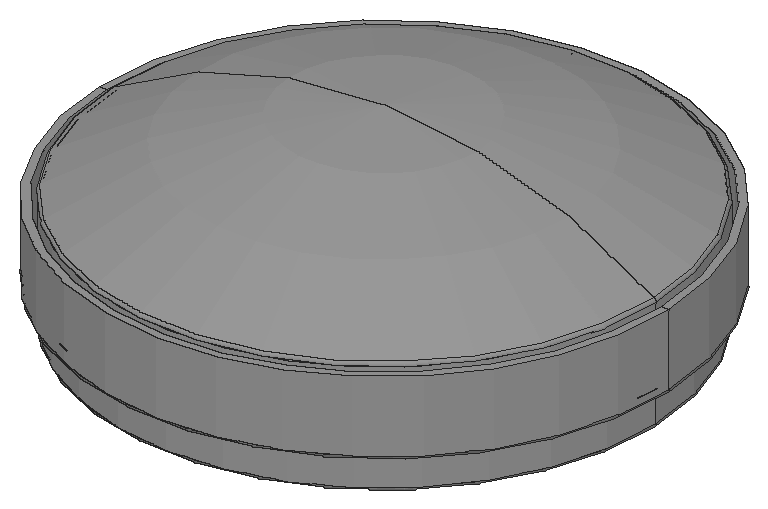
Revit family "3034763 Sylvania Lighting Fixture GIOTTO305 LED G2 3000K RECESSED", category Lighting Fixtures, host Face, Revit 2016
Family settings
  Host = Face
  Part Type = Normal
  Round Connector Dimension = Use Diameter
  OmniClass Number = 23.80.70.00
  OmniClass Title = Lighting
  Cut with Voids When Loaded = No
  Light Source = Yes
  Shared = No
  Room Calculation Point = No
Parameters (values of type "3034763 GIOTTO305 LED G2 3000K RECESSED")
  Weight = "1.11 kg"
  Wattage Comments = ""
  Wattage = 19 W
  WarrantyStartDate [instance] = "n/a"
  WarrantyGuarantorParts = "n/a"
  WarrantyDurationUnit = "n/a"
  WarrantyDurationParts = "n/a"
  WarrantyDescription = "n/a"
  built-in parameter 1150110 = 1 (stored number, unit not read)
  Voltage = 0 V
  URL = "http://www.sylvania-lighting.com"
  TypeName = "GIOTTO305 LED G2 3000K RECESSED"
  Type Image = <None>
  Type Comments = "n/a"
  built-in parameter 1114217 = 1 (stored number, unit not read)
  Tilt Angle = -90.00°
  built-in parameter 1150109 = 1 (stored number, unit not read)
  built-in parameter 1150134 = (empty or 0)
  built-in parameter 1150113 = 1 (stored number, unit not read)
  SerialNumber [instance] = "n/a"
  Photometric Web File = "3034763.ies"
  Material_3_SYL = LED-Sylvania
  PowerFactor = 0
  PowerConsumption = "19 W"
  NominalLength = 305 mm
  NominalHeight = 104 mm
  NominalDepth = 305 mm
  Name = "GIOTTO305 LED G2 3000K RECESSED"
  ModelReference = Name  # "GIOTTO305 LED G2 3000K RECESSED"
  ModelNumber = "3034763"
  Model = Name  # "GIOTTO305 LED G2 3000K RECESSED"
  Material = "polycarbonate housing, polycarbonate diffuser"
  ManufacturerName = "Feilo Sylvania"
  Manufacturer = "Feilo Sylvania"
  LuminousEfficacy = "78 lm/W"
  built-in parameter 1150105 = 117.93 (stored number, unit not read)
  Lumens = 1482 lm
  LuminaireType = ""
  built-in parameter 1150115 = 1 (stored number, unit not read)
  LightOutputRatio = "n/a"
  built-in parameter 1150137 = (empty or 0)
  built-in parameter 1150139 = (empty or 0)
  LampsType = Lamp  # "LED"
  LampNominalLuminous = "1491 lm"
  LampMacAdamStep = "n/a"
  LampColourTemperature = "3000 K"
  LampColourRenderingIndex = "80"
  built-in parameter 1150112 = 1 (stored number, unit not read)
  built-in parameter 1150114 = 1 (stored number, unit not read)
  Lamp = "LED"
  Keynote = "16500"
  InstallationDate [instance] = "n/a"
  InputVoltage = "n/a"
  InputNominalFrequency = "n/a"
  built-in parameter 1150132 = (empty or 0)
  built-in parameter 1150102 = (empty or 0)
  built-in parameter 1150107 = 3000 (stored number, unit not read)
  built-in parameter 1150138 = (empty or 0)
  IngressProtection = "IP44"
  ImpactProtectionIndex = "IK10"
  built-in parameter 1150106 = 1.1793 (stored number, unit not read)
  IfcExportType = "IfcLightFixtureType"
  IfcExportAs = "IfcLightFixtureType"
  Height_SYL = 104 mm
  ExpectedLife = 50000
  Emit from Circle Diameter = 317 mm
  Emit Shape Visible in Rendering = no
  ElectricShockClassification = "Class I"
  built-in parameter 1150104 = 7.2464 (stored number, unit not read)
  DurationUnit = "hours"
  DocumentationLiterature = "http://www.sylvania-lighting.com/product/en-int/products/3034763"
  DimmingControlOptions = "n/a"
  Material_2_SYL = Polycarbonate_Sylvania_Giotto_Opal
  Dimming Lamp Color Temperature Shift = <None>
  DiffuserRadius_SYL = 282.611 mm
  Diameter_SYL = 305 mm
  Description = "Ambient and decorative round, recessed mounted LED bulkhead luminaire. White robust polycarbonate body with opal diffuser, 1491 lm, 19W, 78lm/W, 3000K, CRI 80, non-dimmable, 50,000 hours lumen maintenance. Drive current: 700mA, IP44, IK10, Class I, 220-240V, Energy class: A++, A+, A."
  Default Elevation = 1219.2 mm
  CreatedOn = "11/7/2018"
  CreatedBy = "@sylvania-lighting.com"
  Cost = 0
  Color Filter = 16777215
  built-in parameter 1114216 [instance] = (empty or 0)
  ClassificationValue = "EF_70_80"
  ClassificationName = "Uniclass2015"
  Material_1_SYL = Polycarbonate_Sylvania_Giotto_White
  BarCode [instance] = "n/a"
  built-in parameter 1114218 = 1 (stored number, unit not read)
  built-in parameter 1150133 = 10 (stored number, unit not read)
  AssetType = "Fixed"
  AssetIdentifier [instance] = "n/a"
  Assembly Code = "D5020200"
  Apparent Load = 19 VA
  Material_4_SYL = none
Reference planes
  plane 1 "Center (Front/Back)": y = 0
  plane 2: z = 0
  plane 3 "Center (Left/Right)": x = 0
  plane 4: x = 152.5
  plane 5: x = -152.5
  plane 6: x = -145.5
  plane 7: x = -148.5
  plane 8: z = 104
  plane 9: z = 59
  plane 10: z = 19
  plane 11: z = 24
  plane 12: x = -150.9
  plane 13: z = 20.6
  plane 14: z = 1.6
  plane 15: x = -143.9
  plane 16: z = 18
  plane 17: x = -146.5
  plane 18: z = 25
  plane 19: z = 61
Forms (mm)
  Revolve 1, solid, material "Polycarbonate_Sylvania_Giotto_White" <- "Material_1_SYL"
    sketch origin (0, 0, 0) x (1, 0, 0) y (0, 0, 1)
      loop
        line (0, 0) -> (0, 25) -> (-143.9, 25) -> (-143.9, 24) -> (-148.5, 24) -> (-148.5, 59) -> (-152.5, 59) -> (-152.5, 20.6)
        arc (-152.5, 20.6) -> (-152.031, 19.469) -> (-150.9, 19) r 1.6
        line (-150.9, 19) -> (-146.5, 19)
        arc (-146.5, 19) -> (-145.793, 18.707) -> (-145.5, 18) r 1
        line (-145.5, 18) -> (-145.5, 1.6)
        arc (-145.5, 1.6) -> (-145.031, 0.469) -> (-143.9, 0) r 1.6
        line (-143.9, 0) -> (0, 0)
      axis (0, 59) -> (0, 0)
    angle from 360 to 0
  Revolve 2, solid, material "Polycarbonate_Sylvania_Giotto_Opal" <- "Material_2_SYL"
    sketch origin (0, 0, 0) x (1, 0, 0) y (0, 0, 1)
      loop
        line (-145.5, 24) -> (-143.9, 24) -> (-143.9, 59.636)
        arc (-143.9, 59.636) -> (-143.79, 60.068) -> (-143.485, 60.394) r 0.9
        arc (-143.485, 60.394) -> (-74.754, 91.683) -> (0, 102.4) r 266.066
        line (0, 102.4) -> (0, 104)
        arc (0, 104) -> (-75.203, 93.218) -> (-144.348, 61.742) r 267.666
        arc (-144.348, 61.742) -> (-145.193, 60.836) -> (-145.5, 59.636) r 2.5
        line (-145.5, 59.636) -> (-145.5, 24)
      axis (0, 104) -> (0, 24)
    angle from 360 to 0
Dimensions and locks
  equal spacing: plane 4, plane 3 "Center (Left/Right)", plane 5
  "Diameter_SYL": plane 4 to plane 5
  locked: plane 6 to plane 5 at 7
  locked: plane 7 to plane 5 at 4
  "Height_SYL": plane 8 to plane 2
  locked: plane 8 to plane 9 at 45
  locked: plane 9 to plane 10 at 40
  Revolve 1 sketch curve to Revolve 1 sketch curve = 4.4 mm
  locked: plane 11 to plane 10 at 5
  locked: plane 12 to plane 5 at 1.6
  locked: plane 13 to plane 10 at 1.6
  locked: plane 14 to plane 2 at 1.6
  locked: plane 15 to plane 6 at 1.6
  locked: plane 6 to plane 17 at 1
  locked: plane 10 to plane 16 at 1
  locked: plane 18 to plane 11 at 1
  locked: plane 19 to plane 9 at 2
  aligned and locked: plane 2 to host face
  aligned and locked: level to host face
  aligned and locked: Revolve 1 sketch curve to plane 3 "Center (Left/Right)"
  aligned and locked: level to Revolve 1 sketch curve
  aligned and locked: Revolve 1 sketch curve to plane 10
  aligned and locked: plane 9 to Revolve 1 sketch curve
  aligned and locked: Revolve 1 sketch curve to plane 7
  aligned and locked: plane 12 to Revolve 1 sketch curve  (x2)
  aligned and locked: plane 13 to Revolve 1 sketch curve  (x2)
  aligned and locked: plane 15 to Revolve 1 sketch curve  (x3)
  aligned and locked: plane 14 to Revolve 1 sketch curve  (x2)
  aligned and locked: plane 3 "Center (Left/Right)" to imposter light
  aligned and locked: imposter light to plane 1 "Center (Front/Back)"
  aligned and locked: plane 18 to Revolve 1 sketch curve
  aligned and locked: plane 11 to Revolve 1 sketch curve
  aligned and locked: imposter light to plane 8
  aligned and locked: plane 6 to Revolve 1 sketch curve
  aligned and locked: plane 17 to Revolve 1 sketch curve
  aligned and locked: plane 16 to Revolve 1 sketch curve
  aligned and locked: Revolve 2 sketch curve to plane 3 "Center (Left/Right)"
  aligned and locked: plane 6 to Revolve 2 sketch curve
  aligned and locked: plane 3 "Center (Left/Right)" to Revolve 2 sketch curve
  aligned and locked: plane 11 to Revolve 2 sketch curve
  aligned and locked: Revolve 2 sketch curve to imposter light
Automatic sketch dimensions
  host sketch curve to host sketch curve = 2438.4 mm  (x2)
  Revolve 1 sketch curve to plane 3 "Center (Left/Right)" = 0 mm
  Revolve 1 sketch curve to level = 609.6 mm
  Revolve 1 sketch curve to plane 8 = 2499.058 mm
  Revolve 2 sketch curve to Revolve 2 sketch curve = 0 mm  (x4)
  Revolve 2 sketch curve to plane 15 = 0 mm
  Revolve 2 sketch curve to plane 8 = 0 mm
  plane 15 to Revolve 2 sketch curve = 0.9 mm
  Revolve 2 sketch curve to level = 163.666 mm
  Revolve 2 sketch curve to plane 9 = 0.636 mm
  Revolve 2 sketch curve to Revolve 2 sketch curve = 445.934 mm
  Revolve 2 sketch curve to plane 8 = 2505.058 mm
Connectors
  electrical at (0, 0, 0), driven by "Apparent Load", driven by "PowerFactor", driven by "Voltage"
    settings: index 1, voltage 0 V, apparent load 19 VA, apparent load phase1 0 VA, apparent load phase2 0 VA, apparent load phase3 0 VA, power factor 0, load classification "Lighting", number of poles 1, system type 30, power factor state 1, is connector primary yes, connector utility no, sub classification motor no, connector description ""
